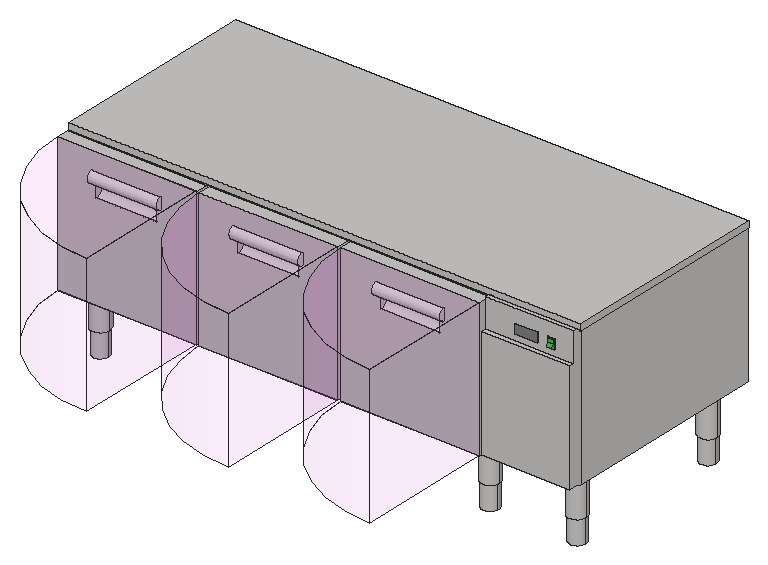
Revit family "QF_ZANUSSI_372293_Z7TTCECOMKN", category Specialty Equipment, Revit 2021 (continued)
Automatic sketch dimensions
  Split face 29 sketch curve to Split face 29 sketch curve = 31.959 mm
  Split face 29 sketch curve to Extrusion 4 = 94.208 mm
  Split face 29 sketch curve to Split face 29 sketch curve = 4 mm
  Split face 30 sketch curve to Extrusion 4 = 94 mm
  Split face 30 sketch curve to Split face 30 sketch curve = 0.02 mm  (x2)
  Split face 30 sketch curve to Split face 30 sketch curve = 31.959 mm
  Split face 30 sketch curve to Extrusion 4 = 118.896 mm
  Split face 30 sketch curve to Split face 30 sketch curve = 4 mm
  Split face 31 sketch curve to Extrusion 4 = 94 mm
  Split face 31 sketch curve to Split face 31 sketch curve = 0.02 mm  (x2)
  Split face 31 sketch curve to Split face 31 sketch curve = 31.959 mm
  Split face 31 sketch curve to Extrusion 4 = 106.896 mm
  Split face 31 sketch curve to Split face 31 sketch curve = 4 mm
  Split face 32 sketch curve to Extrusion 4 = 94 mm
  Split face 32 sketch curve to Split face 32 sketch curve = 0.02 mm  (x2)
  Split face 32 sketch curve to Split face 32 sketch curve = 31.959 mm
  Split face 32 sketch curve to Extrusion 4 = 94.897 mm
  Split face 32 sketch curve to Split face 32 sketch curve = 4 mm
  Split face 33 sketch curve to Extrusion 4 = 94 mm
  Split face 33 sketch curve to Split face 33 sketch curve = 0.02 mm  (x2)
  Split face 33 sketch curve to Split face 33 sketch curve = 31.959 mm
  Split face 33 sketch curve to Extrusion 4 = 82.999 mm
  Split face 33 sketch curve to Split face 33 sketch curve = 4 mm
  Split face 34 sketch curve to Extrusion 4 = 94 mm
  Split face 34 sketch curve to Split face 34 sketch curve = 0.02 mm  (x2)
  Split face 34 sketch curve to Split face 34 sketch curve = 31.959 mm
  Split face 34 sketch curve to Extrusion 4 = 71 mm
  Split face 34 sketch curve to Split face 34 sketch curve = 4 mm
  Split face 35 sketch curve to Extrusion 4 = 94 mm
  Split face 35 sketch curve to Split face 35 sketch curve = 0.02 mm  (x2)
  Split face 35 sketch curve to Split face 35 sketch curve = 31.959 mm
  Split face 35 sketch curve to Extrusion 4 = 59 mm
  Split face 35 sketch curve to Split face 35 sketch curve = 4 mm
  Split face 36 sketch curve to Extrusion 4 = 94 mm
  Split face 36 sketch curve to Split face 36 sketch curve = 0.02 mm  (x2)
  Split face 36 sketch curve to Split face 36 sketch curve = 31.959 mm
  Split face 36 sketch curve to Extrusion 4 = 47 mm
  Split face 36 sketch curve to Split face 36 sketch curve = 4 mm
  Split face 37 sketch curve to Extrusion 4 = 31 mm
  Split face 37 sketch curve to Extrusion 4 = 94 mm
  Split face 37 sketch curve to Split face 37 sketch curve = 0.02 mm  (x2)
  Split face 37 sketch curve to Split face 37 sketch curve = 31.959 mm
  Split face 37 sketch curve to Split face 37 sketch curve = 4 mm
  Split face 38 sketch curve to Extrusion 4 = 19 mm
  Split face 38 sketch curve to Extrusion 4 = 94 mm
  Split face 38 sketch curve to Split face 38 sketch curve = 0.02 mm  (x2)
  Split face 38 sketch curve to Split face 38 sketch curve = 31.959 mm
  Split face 38 sketch curve to Split face 38 sketch curve = 4 mm
  Split face 39 sketch curve to Extrusion 4 = 94 mm
  Split face 39 sketch curve to Split face 39 sketch curve = 0.02 mm  (x2)
  Split face 39 sketch curve to Split face 39 sketch curve = 31.959 mm
  Split face 39 sketch curve to Extrusion 4 = 130.896 mm
  Split face 39 sketch curve to Split face 39 sketch curve = 4 mm
  Split face 40 sketch curve to Extrusion 4 = 94 mm
  Split face 40 sketch curve to Split face 40 sketch curve = 0.02 mm  (x2)
  Split face 40 sketch curve to Split face 40 sketch curve = 31.959 mm
  Split face 40 sketch curve to Extrusion 4 = 118.208 mm
  Split face 40 sketch curve to Split face 40 sketch curve = 4 mm
  Split face 41 sketch curve to Extrusion 4 = 94 mm
  Split face 41 sketch curve to Split face 41 sketch curve = 0.02 mm  (x2)
  Split face 41 sketch curve to Split face 41 sketch curve = 31.959 mm
  Split face 41 sketch curve to Extrusion 4 = 130.208 mm
  Split face 41 sketch curve to Split face 41 sketch curve = 4 mm
  Split face 42 sketch curve to Extrusion 4 = 94 mm
  Split face 42 sketch curve to Split face 42 sketch curve = 0.02 mm  (x2)
  Split face 42 sketch curve to Split face 42 sketch curve = 31.959 mm
  Split face 42 sketch curve to Extrusion 4 = 142.208 mm
  Split face 42 sketch curve to Split face 42 sketch curve = 4 mm
  Split face 43 sketch curve to Extrusion 4 = 94 mm
  Split face 43 sketch curve to Split face 43 sketch curve = 0.02 mm  (x2)
  Split face 43 sketch curve to Split face 43 sketch curve = 31.959 mm
  Split face 43 sketch curve to Extrusion 4 = 154.896 mm
  Split face 43 sketch curve to Split face 43 sketch curve = 4 mm
  Split face 44 sketch curve to Extrusion 4 = 94 mm
  Split face 44 sketch curve to Split face 44 sketch curve = 0.02 mm  (x2)
  Split face 44 sketch curve to Split face 44 sketch curve = 31.959 mm
  Split face 44 sketch curve to Extrusion 4 = 142.896 mm
  Split face 44 sketch curve to Split face 44 sketch curve = 4 mm
  Split face 45 sketch curve to Extrusion 4 = 94 mm
  Split face 45 sketch curve to Split face 45 sketch curve = 0.02 mm  (x2)
  Split face 45 sketch curve to Split face 45 sketch curve = 31.959 mm
  Split face 45 sketch curve to Extrusion 4 = 106.208 mm
  Split face 45 sketch curve to Split face 45 sketch curve = 4 mm
  Split face 46 sketch curve to Extrusion 4 = 14.312 mm
  Split face 46 sketch curve to Extrusion 4 = 94 mm
  Split face 46 sketch curve to Split face 46 sketch curve = 0.02 mm  (x2)
  Split face 46 sketch curve to Extrusion 4 = 10.312 mm
  Split face 46 sketch curve to Split face 46 sketch curve = 31.959 mm
  Split face 47 sketch curve to Extrusion 4 = 26.312 mm
  Split face 47 sketch curve to Extrusion 4 = 94 mm
  Split face 47 sketch curve to Split face 47 sketch curve = 0.02 mm  (x2)
  Split face 47 sketch curve to Split face 47 sketch curve = 31.959 mm
  Split face 47 sketch curve to Split face 47 sketch curve = 4 mm
  Split face 48 sketch curve to Extrusion 4 = 38.311 mm
  Split face 48 sketch curve to Extrusion 4 = 94 mm
  Split face 48 sketch curve to Split face 48 sketch curve = 0.02 mm  (x2)
  Split face 48 sketch curve to Split face 48 sketch curve = 31.959 mm
  Split face 48 sketch curve to Split face 48 sketch curve = 4 mm
  Split face 49 sketch curve to Extrusion 4 = 94 mm
  Split face 49 sketch curve to Split face 49 sketch curve = 0.02 mm  (x2)
  Split face 49 sketch curve to Split face 49 sketch curve = 31.959 mm
  Split face 49 sketch curve to Extrusion 4 = 46.209 mm
  Split face 49 sketch curve to Split face 49 sketch curve = 4 mm
  Split face 50 sketch curve to Extrusion 4 = 94 mm
  Split face 50 sketch curve to Split face 50 sketch curve = 0.02 mm  (x2)
  Split face 50 sketch curve to Split face 50 sketch curve = 31.959 mm
  Split face 50 sketch curve to Extrusion 4 = 58.208 mm
  Split face 50 sketch curve to Split face 50 sketch curve = 4 mm
  Split face 51 sketch curve to Extrusion 4 = 94 mm
  Split face 51 sketch curve to Split face 51 sketch curve = 0.02 mm  (x2)
  Split face 51 sketch curve to Split face 51 sketch curve = 31.959 mm
  Split face 51 sketch curve to Extrusion 4 = 70.208 mm
  Split face 51 sketch curve to Split face 51 sketch curve = 4 mm
  Split face 52 sketch curve to Extrusion 4 = 94 mm
  Split face 52 sketch curve to Split face 52 sketch curve = 0.02 mm  (x2)
  Split face 52 sketch curve to Split face 52 sketch curve = 31.959 mm
  Split face 52 sketch curve to Extrusion 4 = 82.208 mm
  Split face 52 sketch curve to Split face 52 sketch curve = 4 mm
  Split face 53 sketch curve to Extrusion 4 = 94 mm
  Split face 53 sketch curve to Split face 53 sketch curve = 0.02 mm  (x2)
  Split face 53 sketch curve to Split face 53 sketch curve = 31.959 mm
  Split face 53 sketch curve to Extrusion 4 = 94.208 mm
  Split face 53 sketch curve to Split face 53 sketch curve = 4 mm
  Split face 54 sketch curve to Extrusion 4 = 149 mm
  Split face 54 sketch curve to Split face 54 sketch curve = 0.02 mm  (x2)
  Split face 54 sketch curve to Split face 54 sketch curve = 31.959 mm
  Split face 54 sketch curve to Extrusion 4 = 118.896 mm
  Split face 54 sketch curve to Split face 54 sketch curve = 4 mm
  Split face 55 sketch curve to Extrusion 4 = 149 mm
  Split face 55 sketch curve to Split face 55 sketch curve = 0.02 mm  (x2)
  Split face 55 sketch curve to Split face 55 sketch curve = 31.959 mm
  Split face 55 sketch curve to Extrusion 4 = 106.896 mm
  Split face 55 sketch curve to Split face 55 sketch curve = 4 mm
  Split face 56 sketch curve to Extrusion 4 = 149 mm
  Split face 56 sketch curve to Split face 56 sketch curve = 0.02 mm  (x2)
  Split face 56 sketch curve to Split face 56 sketch curve = 31.959 mm
  Split face 56 sketch curve to Extrusion 4 = 94.897 mm
  Split face 56 sketch curve to Split face 56 sketch curve = 4 mm
  Split face 57 sketch curve to Extrusion 4 = 149 mm
  Split face 57 sketch curve to Split face 57 sketch curve = 0.02 mm  (x2)
  Split face 57 sketch curve to Split face 57 sketch curve = 31.959 mm
  Split face 57 sketch curve to Extrusion 4 = 82.999 mm
  Split face 57 sketch curve to Split face 57 sketch curve = 4 mm
  Split face 58 sketch curve to Extrusion 4 = 67 mm
  Split face 58 sketch curve to Extrusion 4 = 149 mm
  Split face 58 sketch curve to Split face 58 sketch curve = 0.02 mm  (x2)
  Split face 58 sketch curve to Split face 58 sketch curve = 31.959 mm
  Split face 58 sketch curve to Split face 58 sketch curve = 4 mm
  Split face 59 sketch curve to Extrusion 4 = 55 mm
  Split face 59 sketch curve to Extrusion 4 = 149 mm
  Split face 59 sketch curve to Split face 59 sketch curve = 0.02 mm  (x2)
  Split face 59 sketch curve to Split face 59 sketch curve = 31.959 mm
  Split face 59 sketch curve to Split face 59 sketch curve = 4 mm
  Split face 60 sketch curve to Extrusion 4 = 43 mm
  Split face 60 sketch curve to Extrusion 4 = 149 mm
  Split face 60 sketch curve to Split face 60 sketch curve = 0.02 mm  (x2)
  Split face 60 sketch curve to Split face 60 sketch curve = 31.959 mm
  Split face 60 sketch curve to Split face 60 sketch curve = 4 mm
  Split face 61 sketch curve to Extrusion 4 = 31 mm
  Split face 61 sketch curve to Extrusion 4 = 149 mm
  Split face 61 sketch curve to Split face 61 sketch curve = 0.02 mm  (x2)
  Split face 61 sketch curve to Split face 61 sketch curve = 31.959 mm
  Split face 61 sketch curve to Split face 61 sketch curve = 4 mm
  Split face 62 sketch curve to Extrusion 4 = 19 mm
  Split face 62 sketch curve to Extrusion 4 = 149 mm
  Split face 62 sketch curve to Split face 62 sketch curve = 0.02 mm  (x2)
  Split face 62 sketch curve to Split face 62 sketch curve = 31.959 mm
  Split face 62 sketch curve to Split face 62 sketch curve = 4 mm
  Split face 63 sketch curve to Extrusion 4 = 149 mm
  Split face 63 sketch curve to Split face 63 sketch curve = 0.02 mm  (x2)
  Split face 63 sketch curve to Split face 63 sketch curve = 31.959 mm
  Split face 63 sketch curve to Extrusion 4 = 130.896 mm
  Split face 63 sketch curve to Split face 63 sketch curve = 4 mm
  Split face 64 sketch curve to Extrusion 4 = 149 mm
  Split face 64 sketch curve to Split face 64 sketch curve = 0.02 mm  (x2)
  Split face 64 sketch curve to Split face 64 sketch curve = 31.959 mm
  Split face 64 sketch curve to Extrusion 4 = 118.208 mm
  Split face 64 sketch curve to Split face 64 sketch curve = 4 mm
  Split face 65 sketch curve to Extrusion 4 = 149 mm
  Split face 65 sketch curve to Split face 65 sketch curve = 0.02 mm  (x2)
  Split face 65 sketch curve to Split face 65 sketch curve = 31.959 mm
  Split face 65 sketch curve to Extrusion 4 = 130.208 mm
  Split face 65 sketch curve to Split face 65 sketch curve = 4 mm
  Split face 66 sketch curve to Extrusion 4 = 149 mm
  Split face 66 sketch curve to Split face 66 sketch curve = 0.02 mm  (x2)
  Split face 66 sketch curve to Split face 66 sketch curve = 31.959 mm
  Split face 66 sketch curve to Extrusion 4 = 142.208 mm
  Split face 66 sketch curve to Split face 66 sketch curve = 4 mm
  Split face 67 sketch curve to Extrusion 4 = 149 mm
  Split face 67 sketch curve to Split face 67 sketch curve = 0.02 mm  (x2)
  Split face 67 sketch curve to Split face 67 sketch curve = 31.959 mm
  Split face 67 sketch curve to Extrusion 4 = 154.896 mm
  Split face 67 sketch curve to Split face 67 sketch curve = 4 mm
  Split face 68 sketch curve to Extrusion 4 = 149 mm
  Split face 68 sketch curve to Split face 68 sketch curve = 0.02 mm  (x2)
  Split face 68 sketch curve to Split face 68 sketch curve = 31.959 mm
  Split face 68 sketch curve to Extrusion 4 = 142.896 mm
  Split face 68 sketch curve to Split face 68 sketch curve = 4 mm
  Split face 69 sketch curve to Extrusion 4 = 149 mm
  Split face 69 sketch curve to Split face 69 sketch curve = 0.02 mm  (x2)
  Split face 69 sketch curve to Split face 69 sketch curve = 31.959 mm
  Split face 69 sketch curve to Extrusion 4 = 106.208 mm
  Split face 69 sketch curve to Split face 69 sketch curve = 4 mm
  Split face 70 sketch curve to Extrusion 4 = 14.312 mm
  Split face 70 sketch curve to Extrusion 4 = 149 mm
  Split face 70 sketch curve to Split face 70 sketch curve = 0.02 mm  (x2)
  Split face 70 sketch curve to Extrusion 4 = 10.312 mm
  Split face 70 sketch curve to Split face 70 sketch curve = 31.959 mm
  Split face 71 sketch curve to Extrusion 4 = 26.312 mm
  Split face 71 sketch curve to Extrusion 4 = 149 mm
  Split face 71 sketch curve to Split face 71 sketch curve = 0.02 mm  (x2)
  Split face 71 sketch curve to Split face 71 sketch curve = 31.959 mm
  Split face 71 sketch curve to Split face 71 sketch curve = 4 mm
  Split face 72 sketch curve to Extrusion 4 = 38.311 mm
  Split face 72 sketch curve to Extrusion 4 = 149 mm
  Split face 72 sketch curve to Split face 72 sketch curve = 0.02 mm  (x2)
  Split face 72 sketch curve to Split face 72 sketch curve = 31.959 mm
  Split face 72 sketch curve to Split face 72 sketch curve = 4 mm
  Split face 73 sketch curve to Extrusion 4 = 50.209 mm
  Split face 73 sketch curve to Extrusion 4 = 149 mm
  Split face 73 sketch curve to Split face 73 sketch curve = 0.02 mm  (x2)
  Split face 73 sketch curve to Split face 73 sketch curve = 31.959 mm
  Split face 73 sketch curve to Split face 73 sketch curve = 4 mm
  Split face 74 sketch curve to Extrusion 4 = 62.208 mm
  Split face 74 sketch curve to Extrusion 4 = 149 mm
  Split face 74 sketch curve to Split face 74 sketch curve = 0.02 mm  (x2)
  Split face 74 sketch curve to Split face 74 sketch curve = 31.959 mm
  Split face 74 sketch curve to Split face 74 sketch curve = 4 mm
  Split face 75 sketch curve to Extrusion 4 = 149 mm
  Split face 75 sketch curve to Split face 75 sketch curve = 0.02 mm  (x2)
  Split face 75 sketch curve to Split face 75 sketch curve = 31.959 mm
  Split face 75 sketch curve to Extrusion 4 = 70.208 mm
  Split face 75 sketch curve to Split face 75 sketch curve = 4 mm
  Split face 76 sketch curve to Extrusion 4 = 149 mm
  Split face 76 sketch curve to Split face 76 sketch curve = 0.02 mm  (x2)
  Split face 76 sketch curve to Split face 76 sketch curve = 31.959 mm
  Split face 76 sketch curve to Extrusion 4 = 82.208 mm
  Split face 76 sketch curve to Split face 76 sketch curve = 4 mm
  Split face 77 sketch curve to Extrusion 4 = 149 mm
  Split face 77 sketch curve to Split face 77 sketch curve = 0.02 mm  (x2)
  Split face 77 sketch curve to Split face 77 sketch curve = 31.959 mm
  Split face 77 sketch curve to Extrusion 4 = 94.208 mm
  Split face 77 sketch curve to Split face 77 sketch curve = 4 mm
  Split face 78 sketch curve to Extrusion 4 = 71 mm
  Split face 78 sketch curve to Split face 78 sketch curve = 0.02 mm  (x2)
  Split face 78 sketch curve to Extrusion 4 = 39.021 mm
  Split face 78 sketch curve to Extrusion 4 = 118.896 mm
  Split face 78 sketch curve to Split face 78 sketch curve = 4 mm
  Split face 79 sketch curve to Extrusion 4 = 71 mm
  Split face 79 sketch curve to Split face 79 sketch curve = 0.02 mm  (x2)
  Split face 79 sketch curve to Extrusion 4 = 39.021 mm
  Split face 79 sketch curve to Extrusion 4 = 106.896 mm
  Split face 79 sketch curve to Split face 79 sketch curve = 4 mm
  Split face 80 sketch curve to Extrusion 4 = 71 mm
  Split face 80 sketch curve to Split face 80 sketch curve = 0.02 mm  (x2)
  Split face 80 sketch curve to Extrusion 4 = 39.021 mm
  Split face 80 sketch curve to Extrusion 4 = 94.897 mm
  Split face 80 sketch curve to Split face 80 sketch curve = 4 mm
  Split face 81 sketch curve to Extrusion 4 = 71 mm
  Split face 81 sketch curve to Split face 81 sketch curve = 0.02 mm  (x2)
  Split face 81 sketch curve to Extrusion 4 = 39.021 mm
  Split face 81 sketch curve to Extrusion 4 = 82.999 mm
  Split face 81 sketch curve to Split face 81 sketch curve = 4 mm
  Split face 82 sketch curve to Extrusion 4 = 71 mm  (x2)
  Split face 82 sketch curve to Split face 82 sketch curve = 0.02 mm  (x2)
  Split face 82 sketch curve to Extrusion 4 = 39.021 mm
  Split face 82 sketch curve to Split face 82 sketch curve = 4 mm
  Split face 83 sketch curve to Extrusion 4 = 71 mm
  Split face 83 sketch curve to Split face 83 sketch curve = 0.02 mm  (x2)
  Split face 83 sketch curve to Extrusion 4 = 39.021 mm
  Split face 83 sketch curve to Extrusion 4 = 59 mm
  Split face 83 sketch curve to Split face 83 sketch curve = 4 mm
  Split face 84 sketch curve to Extrusion 4 = 71 mm
  Split face 84 sketch curve to Split face 84 sketch curve = 0.02 mm  (x2)
  Split face 84 sketch curve to Extrusion 4 = 39.021 mm
  Split face 84 sketch curve to Extrusion 4 = 47 mm
  Split face 84 sketch curve to Split face 84 sketch curve = 4 mm
  Split face 85 sketch curve to Extrusion 4 = 31 mm
  Split face 85 sketch curve to Extrusion 4 = 71 mm
  Split face 85 sketch curve to Split face 85 sketch curve = 0.02 mm  (x2)
  Split face 85 sketch curve to Extrusion 4 = 39.021 mm
  Split face 85 sketch curve to Split face 85 sketch curve = 4 mm
  Split face 86 sketch curve to Extrusion 4 = 19 mm
  Split face 86 sketch curve to Extrusion 4 = 71 mm
  Split face 86 sketch curve to Split face 86 sketch curve = 0.02 mm  (x2)
  Split face 86 sketch curve to Extrusion 4 = 39.021 mm
  Split face 86 sketch curve to Split face 86 sketch curve = 4 mm
  Split face 87 sketch curve to Extrusion 4 = 71 mm
  Split face 87 sketch curve to Split face 87 sketch curve = 0.02 mm  (x2)
  Split face 87 sketch curve to Extrusion 4 = 39.021 mm
  Split face 87 sketch curve to Extrusion 4 = 130.896 mm
  Split face 87 sketch curve to Split face 87 sketch curve = 4 mm
  Split face 88 sketch curve to Extrusion 4 = 71 mm
  Split face 88 sketch curve to Split face 88 sketch curve = 0.02 mm  (x2)
  Split face 88 sketch curve to Extrusion 4 = 39.021 mm
  Split face 88 sketch curve to Extrusion 4 = 118.208 mm
  Split face 88 sketch curve to Split face 88 sketch curve = 4 mm
  Split face 89 sketch curve to Extrusion 4 = 71 mm
  Split face 89 sketch curve to Split face 89 sketch curve = 0.02 mm  (x2)
  Split face 89 sketch curve to Extrusion 4 = 39.021 mm
  Split face 89 sketch curve to Extrusion 4 = 130.208 mm
  Split face 89 sketch curve to Split face 89 sketch curve = 4 mm
  Split face 90 sketch curve to Extrusion 4 = 71 mm
  Split face 90 sketch curve to Split face 90 sketch curve = 0.02 mm  (x2)
  Split face 90 sketch curve to Extrusion 4 = 39.021 mm
  Split face 90 sketch curve to Extrusion 4 = 142.208 mm
  Split face 90 sketch curve to Split face 90 sketch curve = 4 mm
  Split face 91 sketch curve to Extrusion 4 = 71 mm
  Split face 91 sketch curve to Split face 91 sketch curve = 0.02 mm  (x2)
  Split face 91 sketch curve to Extrusion 4 = 39.021 mm
  Split face 91 sketch curve to Extrusion 4 = 154.896 mm
  Split face 91 sketch curve to Split face 91 sketch curve = 4 mm
  Split face 92 sketch curve to Extrusion 4 = 71 mm
  Split face 92 sketch curve to Split face 92 sketch curve = 0.02 mm  (x2)
  Split face 92 sketch curve to Extrusion 4 = 39.021 mm
  Split face 92 sketch curve to Extrusion 4 = 142.896 mm
  Split face 92 sketch curve to Split face 92 sketch curve = 4 mm
  Split face 93 sketch curve to Extrusion 4 = 71 mm
  Split face 93 sketch curve to Split face 93 sketch curve = 0.02 mm  (x2)
  Split face 93 sketch curve to Extrusion 4 = 39.021 mm
  Split face 93 sketch curve to Extrusion 4 = 106.208 mm
  Split face 93 sketch curve to Split face 93 sketch curve = 4 mm
  Split face 94 sketch curve to Extrusion 4 = 14.312 mm
  Split face 94 sketch curve to Extrusion 4 = 71 mm
  Split face 94 sketch curve to Split face 94 sketch curve = 0.02 mm  (x2)
  Split face 94 sketch curve to Extrusion 4 = 39.021 mm
  Split face 94 sketch curve to Split face 94 sketch curve = 4 mm
  Split face 95 sketch curve to Extrusion 4 = 26.312 mm
  Split face 95 sketch curve to Extrusion 4 = 71 mm
  Split face 95 sketch curve to Split face 95 sketch curve = 0.02 mm  (x2)
  Split face 95 sketch curve to Extrusion 4 = 39.021 mm
  Split face 95 sketch curve to Split face 95 sketch curve = 4 mm
  Split face 96 sketch curve to Extrusion 4 = 71 mm
  Split face 96 sketch curve to Split face 96 sketch curve = 0.02 mm  (x2)
  Split face 96 sketch curve to Extrusion 4 = 39.021 mm
  Split face 96 sketch curve to Extrusion 4 = 34.312 mm
  Split face 96 sketch curve to Split face 96 sketch curve = 4 mm
  Split face 97 sketch curve to Extrusion 4 = 71 mm
  Split face 97 sketch curve to Split face 97 sketch curve = 0.02 mm  (x2)
  Split face 97 sketch curve to Extrusion 4 = 39.021 mm
  Split face 97 sketch curve to Extrusion 4 = 46.209 mm
  Split face 97 sketch curve to Split face 97 sketch curve = 4 mm
  Split face 98 sketch curve to Extrusion 4 = 71 mm
  Split face 98 sketch curve to Split face 98 sketch curve = 0.02 mm  (x2)
  Split face 98 sketch curve to Extrusion 4 = 39.021 mm
  Split face 98 sketch curve to Extrusion 4 = 58.208 mm
  Split face 98 sketch curve to Split face 98 sketch curve = 4 mm
  Split face 99 sketch curve to Extrusion 4 = 71 mm
  Split face 99 sketch curve to Split face 99 sketch curve = 0.02 mm  (x2)
  Split face 99 sketch curve to Extrusion 4 = 39.021 mm
  Split face 99 sketch curve to Extrusion 4 = 70.208 mm
  Split face 99 sketch curve to Split face 99 sketch curve = 4 mm
  Split face 100 sketch curve to Extrusion 4 = 71 mm
  Split face 100 sketch curve to Split face 100 sketch curve = 0.02 mm  (x2)
  Split face 100 sketch curve to Extrusion 4 = 39.021 mm
  Split face 100 sketch curve to Extrusion 4 = 82.208 mm
  Split face 100 sketch curve to Split face 100 sketch curve = 4 mm
  Split face 101 sketch curve to Extrusion 4 = 71 mm
  Split face 101 sketch curve to Split face 101 sketch curve = 0.02 mm  (x2)
  Split face 101 sketch curve to Extrusion 4 = 39.021 mm
  Split face 101 sketch curve to Extrusion 4 = 94.208 mm
  Split face 101 sketch curve to Split face 101 sketch curve = 4 mm
  Extrusion 13 sketch curve to plane 7 "FRONT" = 0 mm  (x3)
  Extrusion 13 sketch curve to plane 13 "TOP" = 90.566 mm
  Extrusion 13 sketch curve to Extrusion 13 sketch curve = 8.275 mm
  Extrusion 14 sketch curve to plane 7 "FRONT" = 0 mm
  Extrusion 14 sketch curve to plane 7 "FRONT" = 2.777 mm
  plane 7 "FRONT" to Extrusion 14 sketch curve = 21.853 mm
  Extrusion 14 sketch curve to plane 11 = 4.5 mm
  Extrusion 14 sketch curve to plane 13 "TOP" = 128.294 mm
  Extrusion 14 sketch curve to Extrusion 14 sketch curve = 18.821 mm
  curve 46 to plane 7 "FRONT" = 0 mm
  curve 39 to plane 7 "FRONT" = 0 mm
  curve 45 to plane 7 "FRONT" = 0 mm
  curve 42 to plane 7 "FRONT" = 0 mm
  curve 32 to plane 7 "FRONT" = 0 mm
  curve 41 to plane 7 "FRONT" = 0 mm
  curve 43 to plane 7 "FRONT" = 0 mm
  curve 44 to plane 7 "FRONT" = 0 mm
  plane 7 "FRONT" to curve 46 = 3.906 mm
  curve 46 to plane 3 "Centro (Sinistra/Destra)" = 367.491 mm
  plane 8 to curve 45 = 40.167 mm
  curve 45 to plane 3 "Centro (Sinistra/Destra)" = 364.999 mm
  plane 7 "FRONT" to curve 42 = 3.906 mm
  plane 3 "Centro (Sinistra/Destra)" to curve 42 = 74.508 mm
  plane 3 "Centro (Sinistra/Destra)" to curve 41 = 77 mm
  plane 7 "FRONT" to curve 43 = 3.906 mm
  plane 16 to curve 43 = 44.508 mm
  plane 16 to curve 44 = 47 mm
  plane 8 to curve 44 = 40.167 mm
  plane 8 to curve 41 = 40.167 mm
  plane 9 to curve 39 = 52.5 mm
  curve 42 to curve 32 = 107.5 mm
  curve 32 to plane 7 "FRONT" = 17.78 mm
  curve 39 to plane 7 "FRONT" = 17.78 mm
  Extrusion 1 sketch curve to plane 6 "BACK" = 0 mm
  Extrusion 1 sketch curve to plane 11 = 0 mm
  Extrusion 1 sketch curve to plane 15 "RIGHT" = 1 mm
  plane 14 "LEFT" to Extrusion 1 sketch curve = 1 mm
  curve 2 to plane 6 "BACK" = 0 mm
  curve 2 to plane 11 = 0 mm
  curve 6 to plane 7 "FRONT" = 0 mm
  curve 25 to plane 7 "FRONT" = 0 mm
  curve 24 to plane 7 "FRONT" = 0 mm
  curve 37 to plane 7 "FRONT" = 0 mm
  curve 2 to plane 15 "RIGHT" = 1 mm
  curve 27 to plane 10 = 3.1 mm
  curve 9 to plane 10 = 5.1 mm
  plane 7 "FRONT" to curve 10 = 7.415 mm
  curve 9 to curve 10 = 18 mm
  curve 11 to curve 26 = 2 mm
  plane 7 "FRONT" to curve 13 = 14.8 mm
  curve 12 to curve 13 = 32 mm
  curve 13 to curve 13 = 70 mm
  plane 16 to curve 7 = 52 mm
  curve 14 to curve 17 = 5 mm
  curve 21 to plane 7 "FRONT" = 17.78 mm
  curve 21 to plane 16 = 64.5 mm
  plane 3 "Centro (Sinistra/Destra)" to curve 20 = 196.5 mm
  curve 16 to plane 11 = 4.499 mm
  plane 3 "Centro (Sinistra/Destra)" to curve 16 = 85 mm
  curve 18 to curve 24 = 7.999 mm
  curve 28 to plane 3 "Centro (Sinistra/Destra)" = 34.5 mm
  curve 23 to plane 11 = 4.499 mm
  curve 22 to curve 23 = 322.5 mm
  curve 23 to curve 34 = 7.999 mm
  curve 38 to plane 7 "FRONT" = 17.78 mm
  curve 34 to curve 38 = 111.501 mm
  plane 14 "LEFT" to curve 36 = 1 mm
  plane 14 "LEFT" to curve 1 = 1 mm
  curve 34 to plane 11 = 4.499 mm
  curve 27 to curve 9 = 7.385 mm
  curve 22 to curve 28 = 17.78 mm
  curve 28 to curve 23 = 107.5 mm
  plane 9 to curve 38 = 52.5 mm
  curve 14 to plane 11 = 5.442 mm
  curve 14 to curve 15 = 11.321 mm
  curve 30 to curve 13 = 1.6 mm
  plane 12 to Extrusion 12 sketch curve = 1.587 mm  (x3)
  plane 16 to Extrusion 12 sketch curve = 47 mm
  Extrusion 12 sketch curve to plane 16 = 76.699 mm
  Extrusion 12 sketch curve to Extrusion 12 sketch curve = 186.601 mm
  plane 3 "Centro (Sinistra/Destra)" to Extrusion 12 sketch curve = 85 mm
  Extrusion 12 sketch curve to Extrusion 12 sketch curve = 7.999 mm  (x2)
  Extrusion 12 sketch curve to plane 3 "Centro (Sinistra/Destra)" = 46.699 mm
  Extrusion 12 sketch curve to plane 13 "TOP" = 85 mm
  Extrusion 12 sketch curve to Extrusion 12 sketch curve = 190.601 mm
  Extrusion 12 sketch curve to Extrusion 12 sketch curve = 119.7 mm
  Extrusion 12 sketch curve to plane 13 "TOP" = 0.8 mm  (x3)
  Extrusion 12 sketch curve to Extrusion 12 sketch curve = 123.7 mm
  plane 9 to Extrusion 12 sketch curve = 64.7 mm
  plane 14 "LEFT" to Extrusion 12 sketch curve = 1 mm
  Extrusion 12 sketch curve to plane 13 "TOP" = 128.294 mm  (x2)
  Extrusion 12 sketch curve to Extrusion 12 sketch curve = 43.294 mm  (x3)
  Extrusion 15 sketch curve to plane 7 "FRONT" = 0 mm  (x3)
  plane 7 "FRONT" to Extrusion 15 sketch curve = 3.906 mm  (x3)
  plane 8 to Extrusion 15 sketch curve = 40.167 mm  (x3)
  plane 14 "LEFT" to Extrusion 15 sketch curve = 1.001 mm
  Extrusion 15 sketch curve to plane 3 "Centro (Sinistra/Destra)" = 367.491 mm
  Extrusion 15 sketch curve to Extrusion 15 sketch curve = 7.999 mm
  plane 3 "Centro (Sinistra/Destra)" to Extrusion 15 sketch curve = 74.508 mm
  Extrusion 15 sketch curve to Extrusion 15 sketch curve = 8 mm
  Extrusion 15 sketch curve to Extrusion 15 sketch curve = 431.508 mm
  radius of Extrusion 2 sketch curve = 12 mm
Nested families
  nested 1: "Foot_Ø50_H200" at (-944, 194.95, 0), type "Foot_Ø50_H200"
  nested 2: "Foot_Ø50_H200" at (-944, -315.05, 0), type "Foot_Ø50_H200"
  nested 3: "Foot_Ø50_H200" at (272, -315.05, 0), type "Foot_Ø50_H200"
  nested 4: "Foot_Ø50_H200" at (272, 194.95, 0), type "Foot_Ø50_H200"
  nested 5: "Foot_Ø50_H200" at (544, 194.95, 0), type "Foot_Ø50_H200"
  nested 6: "Foot_Ø50_H200" at (544, -315.05, 0), type "Foot_Ø50_H200"
Connectors
  electrical at (559, 122.95, 190), driven by "Volts"
    settings: on Extrusion 2, index 2, voltage 220 V, apparent load 0 VA, apparent load phase1 0 VA, apparent load phase2 0 VA, apparent load phase3 0 VA, power factor 1, load classification "Altro", number of poles 1, system type 30, power factor state 1, is connector primary yes, connector utility no, sub classification motor no, connector description "Electrical Connection"
Definition of nested family "Foot_Ø50_H200"
  Parameters
    Default Elevation = 0 mm
  Reference planes
    plane 1 "Centro (Fronte/Retro)": y = 0
    plane 2: z = 0
    plane 3 "Centro (Sinistra/Destra)": x = 0
    plane 4: z = 200
  Forms (mm)
    Revolve 1, solid
      sketch origin (255.05, 0, 608.09) x (0, 0, 1) y (-1, 0, 0)
        loop
          line (-608.09, 255.05) -> (-608.09, 230.05) -> (-533.09, 230.05) -> (-533.09, 226.05) -> (-408.09, 226.05) -> (-408.09, 255.05) -> (-608.09, 255.05)
        axis (-608.09, 255.05) -> (-408.09, 255.05)
      angle from 0 to 360
  Dimensions and locks
    locked: Revolve 1 sketch curve to Revolve 1 sketch curve at 125
    aligned and locked: level to plane 2
    aligned and locked: plane 4 to Revolve 1 sketch curve
    aligned and locked: Revolve 1 sketch curve to level
    aligned and locked: plane 3 "Centro (Sinistra/Destra)" to Revolve 1 sketch curve
